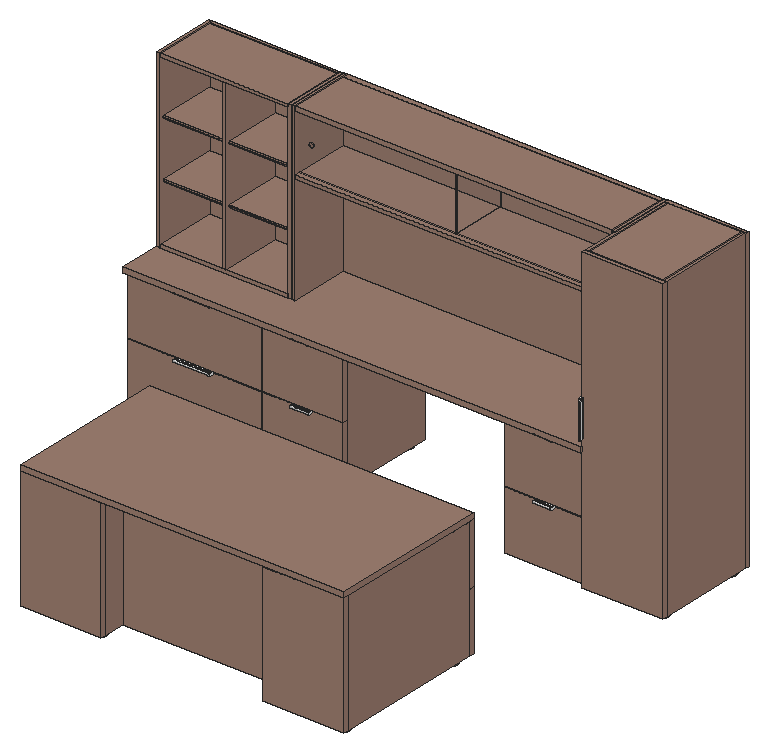
Revit family "APTOS TYPICAL APTOS001", category Furniture, Revit 2013 (continued)
Definition of nested family "APTOS TALL STORAGE WITH HINGED DOOR 24IN DEPTH"
  Forms (in)
    Extrusion 15, solid, material "OFS BRANDS APTOS Board Material" <- "Board Material", visible <- "1 Door"
      sketch origin (0, 0, 0) x (1, 0, 0) y (0, 1, 0)
        loop
          line (18, -22.75) -> (-18, -22.75) -> (-18, -23.875) -> (18, -23.875) -> (18, -22.75)
      from 1.5 to 68.25
    Extrusion 16, solid, material "OFS BRANDS APTOS Door Handle Material" <- "Door Handle Material", visible <- "Right Hinged"
      sketch origin (-16.35453, -3, 0) x (-1, 0, 0) y (0, -1, 0)
        loop
          arc (1.27755, 21.67707) -> (1.28973, 21.56084) -> (1.32574, 21.44966) r 0.56062
          arc (1.32574, 21.44966) -> (1.36779, 21.1973) -> (1.28249, 20.95609) r 0.512
          line (1.28249, 20.95609) -> (1.28249, 20.875) -> (1.64547, 20.875) -> (1.64547, 20.95609)
          arc (1.64547, 20.95609) -> (1.56017, 21.1973) -> (1.60223, 21.44966) r 0.512
          arc (1.60223, 21.44966) -> (1.63824, 21.56084) -> (1.65042, 21.67707) r 0.56062
          arc (1.65042, 21.67707) -> (1.46398, 21.8635) -> (1.27755, 21.67707) r 0.18644
      from 31.17725 to 39.4335
    Extrusion 17, solid, material "OFS BRANDS APTOS Door Handle Material" <- "Door Handle Material", visible <- "Left Hinged"
      sketch origin (16.35453, -3, 0) x (1, 0, 0) y (0, 1, 0)
        loop
          arc (1.27755, -21.67707) -> (1.46398, -21.8635) -> (1.65042, -21.67707) r 0.18644
          arc (1.65042, -21.67707) -> (1.63824, -21.56084) -> (1.60223, -21.44966) r 0.56062
          arc (1.60223, -21.44966) -> (1.56017, -21.1973) -> (1.64547, -20.95609) r 0.512
          line (1.64547, -20.95609) -> (1.64547, -20.875) -> (1.28249, -20.875) -> (1.28249, -20.95609)
          arc (1.28249, -20.95609) -> (1.36779, -21.1973) -> (1.32574, -21.44966) r 0.512
          arc (1.32574, -21.44966) -> (1.28973, -21.56084) -> (1.27755, -21.67707) r 0.56062
      from 31.17725 to 39.4335
  Dimensions and locks (in)
    equal spacing: plane 4 "Left End", plane 3 "Center Left/Right", plane 6 "Right End"
    "Width": plane 4 "Left End" to plane 6 "Right End"
    "Height": plane 8 "Height Top" to level
    "Board Thick Sides": plane 4 "Left End" to plane 9
    "Board Thick Sides": plane 10 to plane 6 "Right End"
    "Board Thick Top and Bot": plane 8 "Height Top" to plane 13
    "Board Thick Shelfs": plane 12 to plane 11
    "Board Thick Top and Bot": plane 15 to plane 14
    "Bottom Board Offset": plane 14 to level
    "Board Thick Front": plane 16 to plane 5 "Front End"
    "Leg Offset": plane 19 to plane 5 "Front End"
    "Leg Offset": plane 20 to plane 5 "Front End"
    "Leg Offset": plane 17 to plane 7 "Back End"
    "Leg Offset": plane 18 to plane 7 "Back End"
    "Leg Offset": plane 4 "Left End" to plane 21
    "Leg Offset": plane 22 to plane 6 "Right End"
    "Leg Offset": plane 23 to plane 6 "Right End"
    "Leg Offset": plane 4 "Left End" to plane 24
    "Board Thick Internal": plane 25 to plane 26
    "Board Thick Door": plane 27 to plane 5 "Front End"
    "Board Thick Back": plane 28 to plane 1 "Center Front/Back"
    "Depth": plane 27 to plane 1 "Center Front/Back"
    equal spacing: plane 25, plane 3 "Center Left/Right", plane 26
    "Board Thick Shelfs": plane 30 to plane 29
    "Board Thick Shelfs": plane 32 to plane 31
    "Board Thick Shelfs": plane 34 to plane 33
    equal spacing: plane 8 "Height Top", plane 34, plane 32, plane 30, plane 12, plane 15
    equal spacing: plane 35, plane 3 "Center Left/Right", plane 36
    locked: plane 35 to plane 36 at 0.25
    aligned and locked: level to plane 2
    aligned and locked: plane 5 "Front End" to Extrusion 1 sketch curve
    aligned and locked: plane 4 "Left End" to Extrusion 1 sketch curve
    aligned and locked: Extrusion 1 sketch curve to plane 9
    aligned and locked: Extrusion 2 to plane 5 "Front End"
    aligned and locked: plane 10 to Extrusion 2
    aligned and locked: Extrusion 2 to plane 6 "Right End"
    aligned and locked: plane 14 to Extrusion 2
    aligned and locked: plane 10 to Extrusion 3 sketch curve
    aligned and locked: Extrusion 3 sketch curve to plane 9
    aligned and locked: plane 18 to Revolve 5
    aligned and locked: Revolve 6 to plane 17
    aligned and locked: plane 20 to Revolve 8
    aligned and locked: Revolve 7 to plane 19
    aligned and locked: Extrusion 9 sketch curve to plane 25
    aligned and locked: plane 26 to Extrusion 9 sketch curve
    aligned and locked: Extrusion 9 to plane 5 "Front End"
    aligned and locked: Extrusion 10 sketch curve to plane 27
    aligned and locked: plane 5 "Front End" to Extrusion 10 sketch curve
    aligned and locked: Extrusion 10 sketch curve to plane 4 "Left End"
    aligned and locked: Extrusion 11 to plane 4 "Left End"
    aligned and locked: Extrusion 11 to plane 6 "Right End"
    aligned and locked: Extrusion 11 to plane 14
    aligned and locked: Extrusion 3 to plane 15
    aligned and locked: Extrusion 10 to plane 14
    aligned and locked: Extrusion 3 to plane 14
    aligned and locked: Extrusion 9 to plane 15
    aligned and locked: plane 13 to Extrusion 9
    aligned and locked: plane 8 "Height Top" to Extrusion 4
    aligned and locked: Extrusion 4 to plane 13
    aligned and locked: Extrusion 12 to plane 6 "Right End"
    aligned and locked: Extrusion 12 to plane 14
    aligned and locked: Extrusion 11 to plane 28
    aligned and locked: Extrusion 11 to plane 1 "Center Front/Back"
    aligned and locked: plane 28 to Extrusion 9
    aligned and locked: Extrusion 1 to plane 14
    aligned and locked: plane 28 to Extrusion 1
    aligned and locked: Extrusion 2 to plane 28
    aligned and locked: plane 8 "Height Top" to Extrusion 11
    aligned and locked: Extrusion 4 to plane 9
    aligned and locked: Extrusion 4 to plane 10
    aligned and locked: Extrusion 4 to plane 28
    aligned and locked: Extrusion 4 to plane 5 "Front End"
    aligned and locked: plane 8 "Height Top" to Extrusion 12
    aligned and locked: plane 8 "Height Top" to Extrusion 10
    aligned and locked: plane 8 "Height Top" to Extrusion 2
    aligned and locked: plane 8 "Height Top" to Extrusion 1
    aligned and locked: Extrusion 3 to plane 28
    aligned and locked: Extrusion 15 to plane 6 "Right End"
    aligned and locked: Extrusion 15 to plane 4 "Left End"
    aligned and locked: plane 8 "Height Top" to Extrusion 15
    aligned and locked: Extrusion 15 to plane 14
    aligned and locked: plane 35 to Extrusion 10
    aligned and locked: Extrusion 12 to plane 36
  Automatic sketch dimensions
    Extrusion 1 sketch curve to plane 28 = 0"
    Extrusion 2 sketch curve to plane 5 "Front End" = 0"
    Extrusion 2 sketch curve to plane 6 "Right End" = 0"
    Extrusion 2 sketch curve to plane 10 = 0"
    plane 28 to Extrusion 2 sketch curve = 0"
    Extrusion 3 sketch curve to plane 5 "Front End" = 0"
    Extrusion 3 sketch curve to plane 28 = 0"
    Extrusion 4 sketch curve to plane 5 "Front End" = 0"
    Extrusion 4 sketch curve to plane 9 = 0"
    Extrusion 4 sketch curve to plane 10 = 0"
    Extrusion 4 sketch curve to plane 28 = 0"
    Revolve 5 sketch curve to plane 14 = 0"
    Revolve 5 sketch curve to level = 0"
    plane 21 to Revolve 5 sketch curve = 0"  (x2)
    level to Revolve 5 sketch curve = 0.28743"
    Revolve 5 sketch curve to Revolve 5 sketch curve = 1/2"  (x3)
    Revolve 5 sketch curve to Revolve 5 sketch curve = 0"
    level to Revolve 5 sketch curve = 0.14371"
    Revolve 5 sketch curve to plane 15 = 1/4"
    Revolve 6 sketch curve to plane 14 = 0"
    Revolve 6 sketch curve to level = 0"
    Revolve 6 sketch curve to plane 22 = 0"  (x2)
    level to Revolve 6 sketch curve = 0.28743"
    Revolve 6 sketch curve to Revolve 6 sketch curve = 1/2"  (x2)
    Revolve 6 sketch curve to Revolve 6 sketch curve = 0"  (x2)
    Revolve 6 sketch curve to plane 15 = 1/4"
    Revolve 6 sketch curve to level = 1/2"
    Revolve 7 sketch curve to plane 14 = 0"
    Revolve 7 sketch curve to level = 0"
    plane 21 to Revolve 7 sketch curve = 0"  (x2)
    level to Revolve 7 sketch curve = 0.28743"
    Revolve 7 sketch curve to plane 21 = 1/2"
    Revolve 7 sketch curve to Revolve 7 sketch curve = 1/2"
    Revolve 7 sketch curve to Revolve 7 sketch curve = 0"  (x2)
    Revolve 7 sketch curve to plane 15 = 1/4"
    Revolve 7 sketch curve to level = 1/2"
    Revolve 8 sketch curve to plane 14 = 0"
    Revolve 8 sketch curve to level = 0"
    Revolve 8 sketch curve to plane 22 = 0"  (x2)
    level to Revolve 8 sketch curve = 0.28743"
    Revolve 8 sketch curve to Revolve 8 sketch curve = 1/2"  (x3)
    Revolve 8 sketch curve to Revolve 8 sketch curve = 0"
    level to Revolve 8 sketch curve = 0.14371"
    Revolve 8 sketch curve to plane 15 = 1/4"
    Extrusion 9 sketch curve to plane 5 "Front End" = 0"
    Extrusion 9 sketch curve to plane 28 = 0"
    plane 26 to Extrusion 10 sketch curve = 1/2"
    Extrusion 11 sketch curve to plane 4 "Left End" = 0"
    Extrusion 11 sketch curve to plane 6 "Right End" = 0"
    Extrusion 11 sketch curve to plane 28 = 0"
    plane 1 "Center Front/Back" to Extrusion 11 sketch curve = 0"
    Extrusion 12 sketch curve to plane 5 "Front End" = 0"
    plane 25 to Extrusion 12 sketch curve = 1/2"
    Extrusion 12 sketch curve to plane 6 "Right End" = 0"
    plane 27 to Extrusion 12 sketch curve = 0"
    plane 27 to Extrusion 13 sketch curve = 0"
    Extrusion 13 sketch curve to plane 26 = 0.11297"
    plane 3 "Center Left/Right" to Extrusion 13 sketch curve = 1/8"
    plane 27 to Extrusion 13 sketch curve = 0.08109"
    plane 25 to Extrusion 13 sketch curve = 0.07525"
    Extrusion 13 sketch curve to plane 3 "Center Left/Right" = 0.0677"
    plane 3 "Center Left/Right" to Extrusion 13 sketch curve = 0.12005"
    Extrusion 13 sketch curve to Extrusion 13 sketch curve = 0"  (x4)
    plane 3 "Center Left/Right" to Extrusion 13 sketch curve = 0.16824"
    plane 26 to Extrusion 13 sketch curve = 0.06851"
    Extrusion 13 sketch curve to plane 26 = 0.06973"
    Extrusion 13 sketch curve to Extrusion 13 sketch curve = 0.18775"
    plane 27 to Extrusion 13 sketch curve = 0.36698"
    plane 27 to Extrusion 14 sketch curve = 0"
    Extrusion 14 sketch curve to plane 25 = 0.11297"
    plane 27 to Extrusion 14 sketch curve = 0.08109"
    Extrusion 14 sketch curve to plane 3 "Center Left/Right" = 1/8"
    plane 26 to Extrusion 14 sketch curve = 0.07525"
    plane 3 "Center Left/Right" to Extrusion 14 sketch curve = 0.0677"
    Extrusion 14 sketch curve to plane 3 "Center Left/Right" = 0.12005"
    Extrusion 14 sketch curve to Extrusion 14 sketch curve = 0"  (x4)
    Extrusion 14 sketch curve to plane 3 "Center Left/Right" = 0.16824"
    plane 25 to Extrusion 14 sketch curve = 0.06851"
    Extrusion 14 sketch curve to plane 25 = 0.06973"
    Extrusion 14 sketch curve to Extrusion 14 sketch curve = 0.18775"
    plane 27 to Extrusion 14 sketch curve = 0.36698"
    Extrusion 15 sketch curve to plane 4 "Left End" = 0"
    Extrusion 15 sketch curve to plane 6 "Right End" = 0"
    plane 27 to Extrusion 15 sketch curve = 0"
    Extrusion 15 sketch curve to plane 5 "Front End" = 0"
    Extrusion 16 sketch curve to plane 27 = 0"
    Extrusion 16 sketch curve to plane 4 "Left End" = 0"
    plane 27 to Extrusion 16 sketch curve = 0.08109"
    Extrusion 16 sketch curve to Extrusion 16 sketch curve = 0.36297"
    plane 9 to Extrusion 16 sketch curve = 0.03772"
    Extrusion 16 sketch curve to plane 9 = 0.19432"
    Extrusion 16 sketch curve to Extrusion 16 sketch curve = 0.18775"  (x2)
    Extrusion 16 sketch curve to Extrusion 16 sketch curve = 0"  (x4)
    Extrusion 16 sketch curve to Extrusion 16 sketch curve = 0.04819"
    plane 4 "Left End" to Extrusion 16 sketch curve = 0.18149"
    plane 4 "Left End" to Extrusion 16 sketch curve = 0.04324"
    plane 27 to Extrusion 16 sketch curve = 0.36698"
    plane 27 to Extrusion 17 sketch curve = 0"
    Extrusion 17 sketch curve to plane 6 "Right End" = 0"
    plane 27 to Extrusion 17 sketch curve = 0.08109"
    Extrusion 17 sketch curve to Extrusion 17 sketch curve = 0.36297"
    plane 10 to Extrusion 17 sketch curve = 0.03772"
    Extrusion 17 sketch curve to plane 10 = 0.19432"
    Extrusion 17 sketch curve to Extrusion 17 sketch curve = 0.18775"  (x2)
    Extrusion 17 sketch curve to Extrusion 17 sketch curve = 0"  (x4)
    Extrusion 17 sketch curve to Extrusion 17 sketch curve = 0.04819"
    plane 6 "Right End" to Extrusion 17 sketch curve = 0.18149"
    plane 6 "Right End" to Extrusion 17 sketch curve = 0.04324"
    plane 27 to Extrusion 17 sketch curve = 0.36698"
Definition of nested family "APTOS HIGHBACK ORGANIZER WITH SLIDING GLASS DOORS Two Sliding Glass Doors"
  Parameters (values of type "APTOS HIGHBACK ORGANIZER WITH SLIDING GLASS DOORS 60" WIDTH Two Sliding Glass Doors")
    Width = 60"
    URL = "http://ofsbrands.com"
    Total Height [instance] = 68 1/4"
    Tackboard-Toolrail-Tackboard Option [instance] = yes
    Right Door = yes
    Left Door = yes
    Height = 38 3/4"
    Handle Lengh = 4 1/2"
    Glass Door Material = OFS BRANDS APTOS Glass Door Material
    Extruded Aluminum Toolbar Material = OFS BRANDS APTOS Extruded Aluminum Toolbar Material
    Drawer Gap = 1/8"
    Door Inset = 1 1/8"
    Door Handle Material = OFS BRANDS APTOS Door Handle Material
    Box Width = 12"
    Board Thick Door = 1/4"
    Depth = 14 1/2"
    Board Material = OFS BRANDS APTOS Board Material
    Model = "34-6039HG2"
    Manufacturer = "OFS"
    Leg Caps Material = OFS BRANDS APTOS Leg Caps Material
    Leg Offset = 2"
    Board Thick Internal = 1/4"
    Cabinet Height = 14 1/2"
    Description = "OFS BRANDS OFS APTOS HIGHBACK ORGANIZER WITH SLIDING GLASS DOORS 60\" Width, Two Sliding Glass Doors,"
    Copyright © = "© OFS BRANDS 2017"
    Catalog = "APTOS http://ofsbrands.com/products/casegoods/private-office/aptos"
    Bottom Board Offset = 53 3/4"
    Board Thick Top and Bot = 7/8"
    Board Thick Shelfs = 1"
    Board Thick Sides = 3/4"
    Board Thick Front = 3/4"
    Board Thick Back = 1 1/8"
    Authoring Version = "Autodesk Revit Architecture 2013"
    Assembly Code = "E2020200"
  Types (4): name | Width | Model | Description
    (no name) | 60" | "34-6039HG2" | "OFS BRANDS OFS APTOS HIGHBACK ORGANIZER WITH SLIDING GLASS DOORS 60\" Width, Two Sliding Glass Doors,"
    APTOS HIGHBACK ORGANIZER WITH SLIDING GLASS DOORS 60" WIDTH Two Sliding Glass Doors | 60" | "34-6039HG2" | "OFS BRANDS OFS APTOS HIGHBACK ORGANIZER WITH SLIDING GLASS DOORS 60\" Width, Two Sliding Glass Doors,"
    APTOS HIGHBACK ORGANIZER WITH SLIDING GLASS DOORS 66" WIDTH Two Sliding Glass Doors | 66" | "34-6639HG2" | "OFS BRANDS OFS APTOS HIGHBACK ORGANIZER WITH SLIDING GLASS DOORS 66\" Width, Two Sliding Glass Doors,"
    APTOS HIGHBACK ORGANIZER WITH SLIDING GLASS DOORS 72" WIDTH Two Sliding Glass Doors | 72" | "34-7239HG2" | "OFS BRANDS OFS APTOS HIGHBACK ORGANIZER WITH SLIDING GLASS DOORS 72\" Width, Two Sliding Glass Doors,"
  Reference planes (in)
    plane 1 "Center Front/Back": y = 0
    plane 2: z = 0
    plane 3 "Center Left/Right": x = 0
    plane 4 "Left End": x = -30
    plane 5 "Front End": y = -13.375
    plane 6 "Right End": x = 30
    plane 7 "Back End": y = 0
    plane 8 "Height Top": z = 68.25
    plane 9: x = -29.25
    plane 10: x = 29.25
    plane 11: z = 67.375
    plane 12: z = 53.75
    plane 13: z = 54.625
    plane 14: y = -12.625
    plane 15: y = -2
    plane 16: y = -2
    plane 17: y = -11.375
    plane 18: y = -11.375
    plane 19: x = -28
    plane 20: x = 28
    plane 21: x = 28
    plane 22: x = -28
    plane 23: y = -14.5
    plane 24: x = 0
    plane 25: x = 0.125
    plane 26: x = -0.125
    plane 27: y = -1.125
    plane 28: y = -13.625
    plane 29: x = 26.75
    plane 30: x = -26.75
    plane 31: z = 61
    plane 32: z = 29.5
  Forms (in)
    Extrusion 1, solid, material "OFS BRANDS APTOS Board Material" <- "Board Material"
      sketch origin (0, 0, 0) x (1, 0, 0) y (0, 1, 0)
        loop
          line (-30, 0) -> (-30, -14.5) -> (-29.25, -14.5) -> (-29.25, 0) -> (-30, 0)
      from 29.5 to 68.25
    Extrusion 2, solid, material "OFS BRANDS APTOS Board Material" <- "Board Material"
      sketch origin (0, 0, 0) x (-1, 0, 0) y (0, -1, 0)
        loop
          line (-30, 0) -> (-29.25, 0) -> (-29.25, 14.5) -> (-30, 14.5) -> (-30, 0)
      from 29.5 to 68.25
    Extrusion 3, solid, material "OFS BRANDS APTOS Board Material" <- "Board Material"
      sketch origin (0, 0, 0) x (1, 0, 0) y (0, 1, 0)
        loop
          line (-29.25, -1.125) -> (-29.25, -14.5) -> (29.25, -14.5) -> (29.25, -1.125) -> (-29.25, -1.125)
      from 53.75 to 54.625
    Extrusion 4, solid, material "OFS BRANDS APTOS Board Material" <- "Board Material"
      sketch origin (0, 0, 0) x (1, 0, 0) y (0, 1, 0)
        loop
          line (-29.25, -1.125) -> (-29.25, -14.5) -> (29.25, -14.5) -> (29.25, -1.125) -> (-29.25, -1.125)
      from 67.375 to 68.25
    Extrusion 5, solid, material "OFS BRANDS APTOS Glass Door Material" <- "Glass Door Material"
      sketch origin (0, 0, 0) x (1, 0, 0) y (0, 1, 0)
        loop
          line (-0.125, -1.125) -> (-0.125, -13.375) -> (0.125, -13.375) -> (0.125, -1.125) -> (-0.125, -1.125)
      from 54.625 to 67.375
    Extrusion 6, solid, material "OFS BRANDS APTOS Glass Door Material" <- "Glass Door Material", visible <- "Left Door"
      sketch origin (0, 0, 0) x (1, 0, 0) y (0, 1, 0)
        loop
          line (0.125, -13.375) -> (-29.25, -13.375) -> (-29.25, -13.625) -> (0.125, -13.625) -> (0.125, -13.375)
      from 54.625 to 67.375
    Extrusion 7, solid, material "OFS BRANDS APTOS Board Material" <- "Board Material"
      sketch origin (0, 27.875, 0) x (1, 0, 0) y (0, 1, 0)
        loop
          line (-29.25, -27.875) -> (-29.25, -29) -> (29.25, -29) -> (29.25, -27.875) -> (-29.25, -27.875)
      from 29.5 to 68.25
    Extrusion 8, solid, material "OFS BRANDS APTOS Glass Door Material" <- "Glass Door Material", visible <- "Right Door"
      sketch origin (0, 0, 0) x (1, 0, 0) y (0, 1, 0)
        loop
          line (29.25, -13.375) -> (-0.125, -13.375) -> (-0.125, -13.625) -> (29.25, -13.625) -> (29.25, -13.375)
      from 54.625 to 67.375
    Extrusion 9, void
      sketch origin (9.5747, 0, 1.68758) x (1, 0, 0) y (0, 0, 1)
        loop
          circle (16.6753, 59.31242) r 0.5
      from 1.125 to 14.5
    Extrusion 10, void
      sketch origin (-9.5747, 0, 1.68758) x (-1, 0, 0) y (0, 0, -1)
        loop
          circle (16.6753, -59.31242) r 0.5
      from 1.125 to 14.5
    Extrusion 11, solid, material "OFS BRANDS APTOS Extruded Aluminum Toolbar Material" <- "Extruded Aluminum Toolbar Material", visible <- "Tackboard-Toolrail-Tackboard Option"
      sketch origin (0, 9.93745, 0) x (0, 1, 0) y (0, 0, 1)
        loop
          line (-11.36586, 38.75) -> (-11.36586, 38.18406) -> (-11.14933, 38.18406) -> (-11.01481, 38.26593) -> (-10.9534, 38.16504) -> (-11.11621, 38.06594) -> (-11.36586, 38.06594) -> (-11.36586, 37.5) -> (-10.64711, 37.5) -> (-10.64711, 36.75) -> (-10.56711, 36.75) -> (-10.56711, 37.58) -> (-11.28586, 37.58) -> (-11.28586, 37.98594) -> (-11.09378, 37.98594) -> (-10.84347, 38.1383) -> (-10.98806, 38.37586) -> (-11.17176, 38.26406) -> (-11.28586, 38.26406) -> (-11.28586, 38.67) -> (-10.56711, 38.67) -> (-10.56711, 39.5) -> (-10.64711, 39.5) -> (-10.64711, 38.75) -> (-11.36586, 38.75)
      from -29.25 to 29.25
  Cuts and joins
    Extrusion 9 cuts Extrusion 8
    Extrusion 10 cuts Extrusion 6
  Dimensions and locks (in)
    equal spacing: plane 4 "Left End", plane 3 "Center Left/Right", plane 6 "Right End"
    "Width": plane 4 "Left End" to plane 6 "Right End"
    "Cabinet Height": plane 8 "Height Top" to plane 12
    "Board Thick Sides": plane 4 "Left End" to plane 9
    "Board Thick Sides": plane 10 to plane 6 "Right End"
    "Board Thick Top and Bot": plane 8 "Height Top" to plane 11
    "Board Thick Top and Bot": plane 13 to plane 12
    "Bottom Board Offset": plane 12 to level
    "Board Thick Front": plane 14 to plane 5 "Front End"
    "Leg Offset": plane 17 to plane 5 "Front End"
    "Leg Offset": plane 18 to plane 5 "Front End"
    "Leg Offset": plane 15 to plane 7 "Back End"
    "Leg Offset": plane 16 to plane 7 "Back End"
    "Leg Offset": plane 4 "Left End" to plane 19
    "Leg Offset": plane 20 to plane 6 "Right End"
    "Leg Offset": plane 21 to plane 6 "Right End"
    "Leg Offset": plane 4 "Left End" to plane 22
    equal spacing: plane 26, plane 24, plane 25
    "Board Thick Internal": plane 26 to plane 25
    "Board Thick Back": plane 27 to plane 1 "Center Front/Back"
    "Depth": plane 23 to plane 1 "Center Front/Back"
    "Total Height": plane 8 "Height Top" to level
    "Door Inset": plane 5 "Front End" to plane 23
    "Board Thick Door": plane 5 "Front End" to plane 28
    locked: plane 29 to plane 10 at 2.5
    locked: plane 9 to plane 30 at 2.5
    equal spacing: plane 8 "Height Top", plane 31, plane 12
    aligned and locked: level to plane 2
    aligned and locked: plane 4 "Left End" to Extrusion 1 sketch curve
    aligned and locked: Extrusion 1 sketch curve to plane 9
    aligned and locked: plane 10 to Extrusion 2
    aligned and locked: Extrusion 2 to plane 6 "Right End"
    aligned and locked: plane 10 to Extrusion 3 sketch curve
    aligned and locked: plane 9 to Extrusion 3 sketch curve
    aligned and locked: Extrusion 5 to plane 5 "Front End"
    aligned and locked: plane 5 "Front End" to Extrusion 6 sketch curve
    aligned and locked: Extrusion 3 to plane 13
    aligned and locked: Extrusion 3 to plane 12
    aligned and locked: Extrusion 5 to plane 13
    aligned and locked: plane 11 to Extrusion 5
    aligned and locked: Extrusion 4 to plane 23
    aligned and locked: plane 8 "Height Top" to Extrusion 4
    aligned and locked: Extrusion 4 to plane 11
    aligned and locked: Extrusion 8 to plane 11
    aligned and locked: Extrusion 7 to plane 27
    aligned and locked: Extrusion 7 to plane 1 "Center Front/Back"
    aligned and locked: Extrusion 2 to plane 1 "Center Front/Back"
    aligned and locked: plane 27 to Extrusion 5
    aligned and locked: plane 26 to Extrusion 5
    aligned and locked: Extrusion 5 to plane 25
    aligned and locked: plane 26 to Extrusion 8
    aligned and locked: plane 8 "Height Top" to Extrusion 2
    aligned and locked: Extrusion 4 to plane 9
    aligned and locked: Extrusion 4 to plane 10
    aligned and locked: plane 23 to Extrusion 2
    aligned and locked: plane 23 to Extrusion 1
    aligned and locked: Extrusion 8 to plane 10
    aligned and locked: Extrusion 8 to plane 13
    aligned and locked: plane 23 to Extrusion 3
    aligned and locked: plane 8 "Height Top" to Extrusion 1
    aligned and locked: Extrusion 7 to plane 9
    aligned and locked: Extrusion 7 to plane 10
    aligned and locked: Extrusion 6 to plane 28
    aligned and locked: Extrusion 8 to plane 28
    aligned and locked: plane 25 to Extrusion 6
    aligned and locked: plane 11 to Extrusion 6
    aligned and locked: Extrusion 6 to plane 9
    aligned and locked: Extrusion 6 to plane 13
    aligned and locked: Extrusion 9 to plane 31
    aligned and locked: plane 31 to Extrusion 10
    aligned and locked: Extrusion 9 to Extrusion 7
    aligned and locked: Extrusion 9 to Extrusion 2
    aligned and locked: Extrusion 5 to Extrusion 10
    aligned and locked: Extrusion 1 to Extrusion 10
    aligned and locked: plane 27 to Extrusion 3
    aligned and locked: Extrusion 2 to plane 32
    aligned and locked: Extrusion 1 to plane 32
    aligned and locked: Extrusion 7 to plane 32
    aligned and locked: plane 27 to Extrusion 4
    aligned and locked: plane 8 "Height Top" to Extrusion 7
    aligned and locked: Extrusion 11 to plane 9
    aligned and locked: Extrusion 11 to plane 10
  Automatic sketch dimensions
    Extrusion 1 sketch curve to plane 23 = 0"
    plane 1 "Center Front/Back" to Extrusion 1 sketch curve = 0"
    Extrusion 2 sketch curve to plane 6 "Right End" = 0"
    Extrusion 2 sketch curve to plane 10 = 0"
    plane 23 to Extrusion 2 sketch curve = 0"
    plane 1 "Center Front/Back" to Extrusion 2 sketch curve = 0"
    Extrusion 3 sketch curve to plane 23 = 0"
    plane 1 "Center Front/Back" to Extrusion 3 sketch curve = 1 1/8"
    Extrusion 4 sketch curve to plane 9 = 0"
    Extrusion 4 sketch curve to plane 10 = 0"
    Extrusion 4 sketch curve to plane 23 = 0"
    plane 1 "Center Front/Back" to Extrusion 4 sketch curve = 1 1/8"
    Extrusion 5 sketch curve to plane 5 "Front End" = 0"
    Extrusion 5 sketch curve to plane 26 = 0"
    Extrusion 5 sketch curve to plane 25 = 0"
    Extrusion 5 sketch curve to plane 27 = 0"
    Extrusion 6 sketch curve to plane 9 = 0"
    Extrusion 6 sketch curve to plane 25 = 0"
    Extrusion 6 sketch curve to plane 28 = 0"
    Extrusion 7 sketch curve to plane 9 = 0"
    Extrusion 7 sketch curve to plane 10 = 0"
    Extrusion 7 sketch curve to plane 27 = 0"
    plane 1 "Center Front/Back" to Extrusion 7 sketch curve = 0"
    Extrusion 8 sketch curve to plane 5 "Front End" = 0"
    Extrusion 8 sketch curve to plane 26 = 0"
    Extrusion 8 sketch curve to plane 10 = 0"
    plane 28 to Extrusion 8 sketch curve = 0"
    Extrusion 9 sketch curve to plane 31 = 0"
    Extrusion 9 sketch curve to plane 29 = 1/2"
    plane 31 to Extrusion 10 sketch curve = 0"
    plane 30 to Extrusion 10 sketch curve = 1/2"
    Extrusion 11 sketch curve to plane 27 = 0.30341"
    plane 27 to Extrusion 11 sketch curve = 0.41534"  (x2)
    plane 32 to Extrusion 11 sketch curve = 7 1/4"
    Extrusion 11 sketch curve to Extrusion 11 sketch curve = 0"
    Extrusion 11 sketch curve to Extrusion 11 sketch curve = 0.08"  (x8)
    Extrusion 11 sketch curve to plane 27 = 0.10931"
    Extrusion 11 sketch curve to Extrusion 11 sketch curve = 0.02243"
    Extrusion 11 sketch curve to plane 27 = 0.05376"
    Extrusion 11 sketch curve to plane 27 = 0.03133"
    plane 27 to Extrusion 11 sketch curve = 0.04764"
    plane 27 to Extrusion 11 sketch curve = 0.07439"
    plane 27 to Extrusion 11 sketch curve = 0.10905"
    Extrusion 11 sketch curve to Extrusion 11 sketch curve = 0.10993"  (x2)
    Extrusion 11 sketch curve to Extrusion 11 sketch curve = 3/4"  (x2)
    Extrusion 11 sketch curve to Extrusion 11 sketch curve = 0.40594"
    Extrusion 11 sketch curve to Extrusion 11 sketch curve = 0.07236"
    Extrusion 11 sketch curve to Extrusion 11 sketch curve = 0.02674"
    Extrusion 11 sketch curve to Extrusion 11 sketch curve = 0.11811"
    Extrusion 11 sketch curve to Extrusion 11 sketch curve = 0.10089"
    Extrusion 11 sketch curve to Extrusion 11 sketch curve = 0.29414"
    radius of Extrusion 9 sketch curve = 1/2"
    radius of Extrusion 10 sketch curve = 1/2"
